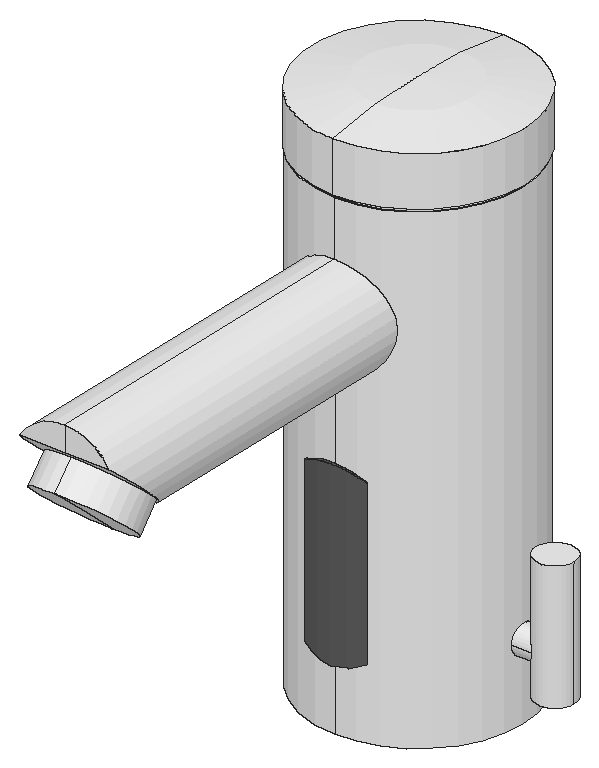
Revit family
Parameters (values of type "EAF-225-ISM")
  Waste Connection = no
  Warranty = "3 Year (Limited)"
  Vent Connection = no
  URL = "http://www.sloanvalve.com/"
  Type Comments = ""
  Revised Date = "17/04/2013"
  Product URL = "http://www.sloanvalve.com/Specifications/Optima_Lumino_EAF-225.pdf"
  Price = "Prices may vary. Please consult Sloan Rep for most up-to-date price list."
  Phone # = "416-250-5656"
  Operation = "Sensor-Activated"
  Mounting = "Deck-Mount"
  Model = "EAF-225-ISM"
  Material = Chrome Plated
  Manufacturer = "SLOAN"
  IAPMO Certification = "Low Lead cUPC"
  HW Connection = yes
  Flush Volume(s)/Flow Rate(s) = "0.5 gpm (1.9 Lpm) Multi-Lam; 1.5 gpm (5.6 Lpm) Aerated; 2.2 gpm (8.3 Lpm) Aerated; 2.2 gpm (8.3 Lpm) Laminar"
  Fixture Color = "Not Applicable"
  Finish(es) = "CP, PVDSF, PVDPB, PVDBN"
  Designed By = "ATS BIM Team"
  Description = "Line-powered, sensor-activated, electronic hand washing faucet for hot and cold water operation with integral side mixer and illuminated temperature indication ring (Blue – Cold, White – Tempered, Red – Hot)."
  Default Elevation = 0' - 0"
  Cost = 0
  CW Connection = yes
  Assembly Code = "D2010"
  ADA Compliant = yes
Reference planes (in)
  plane 1 "Center (Front/Back)": y = 0
  plane 2: z = 0
  plane 3 "Center (Left/Right)": x = 0
  plane 4: y = -4.34375
  plane 5: y = -1.03125
  plane 6: y = 1.03125
  plane 7: z = 5.34375
  plane 8: y = -4.08785
  plane 9: through (0, -4.08785, 3.34375) normal (0, -0.9135, 0.4067)
  plane 10: x = -1.03125
  plane 11: x = 1.03125
  plane 12: x = 1.53125
  plane 13: z = 3.34375
Forms (in)
  Extrusion 1, solid, material "Chrome Plated" <- "Material"
    sketch origin (0.1795, 0, 0.35122) x (1, 0, 0) y (0, 1, 0)
      loop
        circle (1.16425, 0) r 0.1875
    from 0 to 1.25
  Extrusion 2, solid, material "Chrome Plated" <- "Material"
    sketch origin (0.01519, 0, -0.02768) x (0, 1, 0) y (0, 0, 1)
      loop
        circle (0, 0.77768) r 0.13821
    from 0.87059 to 1.23999
  Revolve 3, solid, material "Chrome Plated" <- "Material"
    sketch origin (0, 0, 0.00012) x (0, 1, 0) y (0, 0, 1)
      loop
        line (0, -0.0007) -> (0, 4.71934) -> (-1.03116, 4.71934) -> (-1.03116, -0.0007) -> (0, -0.0007)
      axis (0, 4.71934) -> (0, -0.0007)
    angle from 0 to 360
  Revolve 4, solid, material "Chrome Plated" <- "Material"
    sketch origin (0, 0, 0.00012) x (0, 1, 0) y (0, 0, 1)
      loop
        line (-0.65518, 4.17923) -> (-4.34366, 4.17923) -> (-4.34366, 3.67064) -> (-0.65518, 3.67064) -> (-0.65518, 4.17923)
      axis (-4.34366, 3.67064) -> (-0.65518, 3.67064)
    angle from 0 to 360
  Extrusion 5, solid, material "Chrome Plated" <- "Material"
    sketch origin (0, 0, 0.00012) x (1, 0, 0) y (0, 1, 0)
      loop
        arc (-0.31001, -1.00101) -> (-0.01001, -1.05792) -> (0.28999, -1.00101) r 0.81916
        line (0.28999, -1.00101) -> (0.28999, -0.89182) -> (-0.31001, -0.89182) -> (-0.31001, -1.00101)
    from 0.61209 to 2.38634
  Revolve 6, solid, material "Chrome Plated" <- "Material"
    sketch origin (0, 0, 0.00012) x (0, 1, 0) y (0, 0, 1)
      loop
        line (1.04498, 4.75197) -> (1.04498, 5.24189)
        arc (1.04498, 5.24189) -> (0.52549, 5.32362) -> (0, 5.34363) r 4.45976
        line (0, 5.34363) -> (0, 4.75197) -> (0, 4.71934) -> (1.01363, 4.71934) -> (1.01363, 4.75197) -> (1.04498, 4.75197)
      axis (0, 5.34363) -> (0, 4.71934)
    angle from 0 to 360
  Extrusion 7, void
    sketch origin (0, 0.17716, 0.37512) x (0, 1, 0) y (0, 0, 1)
      loop
        line (-3.63753, 2.78704) -> (-4.52083, 3.55488) -> (-4.52083, 2.78704) -> (-3.63753, 2.78704)
    from -0.68241 to 0.63548
  Extrusion 8, void
    sketch origin (0, 0.00009, 0) x (-1, 0, 0) y (0, 0, 1)
      loop
        line (0.31001, 2.2978) -> (0.31001, 2.45052) -> (-0.28999, 2.45052) -> (-0.28999, 2.2978)
        arc (-0.28999, 2.2978) -> (0.01001, 2.38647) -> (0.31001, 2.2978) r 0.55184
      loop
        arc (0.31001, 0.70088) -> (0.01001, 0.61221) -> (-0.28999, 0.70088) r 0.55184
        line (-0.28999, 0.70088) -> (-0.28999, 0.54815) -> (0.31001, 0.54815) -> (0.31001, 0.70088)
    from -1.20803 to -0.81269
  Revolve 9, solid, material "Chrome Plated" <- "Material"
    sketch origin (0, -0.0531, 0.0436) x (0, 1, 0) y (0, 0, 1)
      loop
        line (-4.05344, 3.26721) -> (-3.75558, 3.60986) -> (-4.10935, 3.91738) -> (-4.40721, 3.57474) -> (-4.05344, 3.26721)
      axis (-3.75558, 3.60986) -> (-4.05344, 3.26721)
    angle from 0 to 360
Cuts and joins
  Extrusion 7 cuts Revolve 4
  Extrusion 8 cuts Extrusion 5
  joined: Extrusion 1, Extrusion 2, Revolve 3, Revolve 4, Extrusion 5, Revolve 6, Revolve 9
Dimensions and locks (in)
  plane 1 "Center (Front/Back)" to plane 4 = 0' - 4 11/32"
  plane 6 to plane 5 = 0' - 2 1/16"
  plane 7 to level = 0' - 5 11/32"
